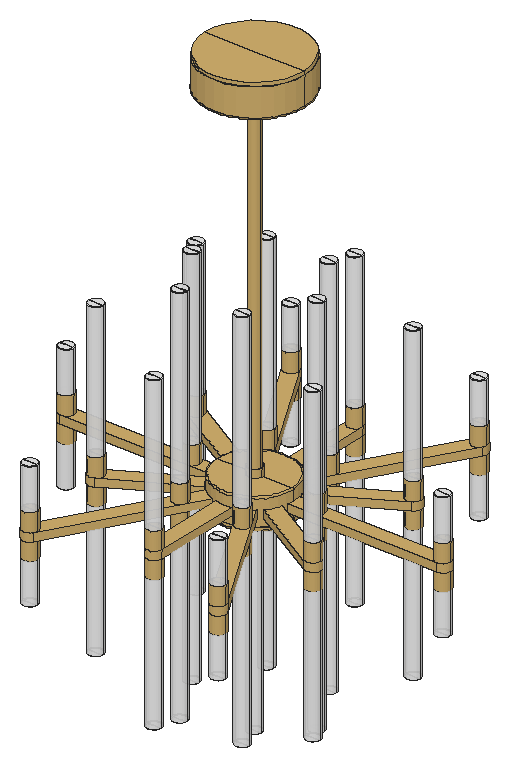
Revit family "3-605 Miro Pendant", category Lighting Fixtures, host Ceiling, Revit 2018
Family settings
  Host = Ceiling
  Round Connector Dimension = Use Diameter
  Part Type = Normal
  OmniClass Number = 23.80.70.11
  OmniClass Title = Luminaries for Internal Lighting
  Always vertical = Yes
  Cut with Voids When Loaded = No
  Light Source = Yes
  Shared = No
  Room Calculation Point = No
Parameters (values of type "3-605-40 / Aged Brass - Clear Bubble Acrylic")
  Wattage Comments = "37 x 3.0 W at 120 V"
  Wattage = 93.96 W
  built-in parameter 1150110 = 1 (stored number, unit not read)
  Voltage Input = "120 V or 277 V - 50/60 Hz"  # constant formula
  Voltage = 120 V
  URL = "www.oxygenlighting.com"
  built-in parameter 1114217 = 1 (stored number, unit not read)
  Tilt Angle = 90.00°  # constant formula
  built-in parameter 1150109 = 1 (stored number, unit not read)
  built-in parameter 1150134 = (empty or 0)
  built-in parameter 1150113 = 1 (stored number, unit not read)
  References = "Ref. 3 = 120 V / Ref. 37 = 277 V"  # constant formula
  Photometric Web File = "3-605-24 Miro.ies"
  Model = "3-605-xx / Miro Pendant"  # constant formula
  Metal Finish = 40 - Aged Brass
  Manufacturer = "Oxygen - Lighting & Fans"  # constant formula
  Lumens = 2424.17 lm
  built-in parameter 1150115 = 1 (stored number, unit not read)
  built-in parameter 1150105 = 192.91 (stored number, unit not read)
  built-in parameter 1150137 = (empty or 0)
  built-in parameter 1150139 = (empty or 0)
  built-in parameter 1150112 = 1 (stored number, unit not read)
  built-in parameter 1150114 = 1 (stored number, unit not read)
  Lamp = "LED Array"  # constant formula
  built-in parameter 1150132 = (empty or 0)
  built-in parameter 1150102 = (empty or 0)
  built-in parameter 1150138 = (empty or 0)
  built-in parameter 1150107 = 3000 (stored number, unit not read)
  built-in parameter 1150106 = 1.9291 (stored number, unit not read)
  built-in parameter 1150104 = 2.3969 (stored number, unit not read)
  Dimming Lamp Color Temperature Shift = <None>
  Diffusers = Clear Bubble Acrylic
  Color Filter = 16777215
  built-in parameter 1114218 = 1 (stored number, unit not read)
  built-in parameter 1150133 = 10 (stored number, unit not read)
Types (3): name | Wattage Comments | Metal Finish
  (no name) | "37 x 3.0 W at 120 V" | 40 - Aged Brass
  3-605-24 / Satin Nickel - Clear Bubble Acrylic | "37 x 2.1 W at 120 V" | 24 - Satin Nickel
  3-605-40 / Aged Brass - Clear Bubble Acrylic | "37 x 3.0 W at 120 V" | 40 - Aged Brass
Reference planes (in)
  plane 1 "Light Source Axis (F/B)": y = 0
  plane 2 "Ceiling": z = 96
  plane 3 "Light Source Axis (L/R)": x = 0
  plane 4 "Light Source Elevation": z = 69.9411
  plane 5: z = 93.8
  plane 6: through (-7.65444, 4.41929, 48) normal (0.5, 0.866, 0)
  plane 7: through (-6.50591, 11.26856, 48) normal (0.866, 0.5, 0)
  plane 8: through (6.50591, 11.26856, 48) normal (0.866, -0.5, 0)
  plane 9: through (7.65444, 4.41929, 48) normal (0.5, -0.866, 0)
  plane 10: through (-5.80676, 11.08122, 48) normal (0.5, -0.866, 0)
  plane 11: through (-7.4671, 3.72014, 48) normal (-0.866, 0.5, 0)
  plane 12: y = 8.32677
  plane 13: through (5.80676, 11.08122, 48) normal (0.5, 0.866, 0)
  plane 14: through (6.95529, 4.60663, 48) normal (0.866, 0.5, 0)
  plane 15: x = 12.5
  plane 16: x = -12.5
  plane 17: x = -4.15354
  plane 18: through (1.63353, 3.85298, 48) normal (0.5, 0.866, 0)
Forms (in)
  Extrusion 1, solid, material "40 - Aged Brass" <- "Metal Finish"
    sketch origin (0.03948, 0, -0.2895) x (1, 0, 0) y (0, 1, 0)
      loop
        line (0, 0.62992) -> (-0.05578, 0.58414) -> (-0.12289, 0.61782) -> (-0.17034, 0.56153) -> (-0.24106, 0.58197) -> (-0.27616, 0.51667) -> (-0.34997, 0.52376) -> (-0.37226, 0.4536) -> (-0.44542, 0.44542) -> (-0.45254, 0.37139) -> (-0.52376, 0.34997) -> (-0.51944, 0.27765) -> (-0.58197, 0.24106) -> (-0.56153, 0.17034) -> (-0.61782, 0.12289) -> (-0.58444, 0.05756) -> (-0.62992, 0) -> (-0.58444, -0.05756) -> (-0.61782, -0.12289) -> (-0.56153, -0.17034) -> (-0.58197, -0.24106) -> (-0.51944, -0.27765) -> (-0.52376, -0.34997) -> (-0.45254, -0.37139) -> (-0.44542, -0.44542) -> (-0.37226, -0.4536) -> (-0.34997, -0.52376) -> (-0.27616, -0.51667) -> (-0.24106, -0.58197) -> (-0.17034, -0.56153) -> (-0.12289, -0.61782) -> (-0.05578, -0.58414) -> (0, -0.62992) -> (0.05578, -0.58414) -> (0.12289, -0.61782) -> (0.17034, -0.56153) -> (0.24106, -0.58197) -> (0.27616, -0.51667) -> (0.34997, -0.52376) -> (0.37226, -0.4536) -> (0.44542, -0.44542) -> (0.45254, -0.37139) -> (0.52376, -0.34997) -> (0.51944, -0.27765) -> (0.58197, -0.24106) -> (0.56153, -0.17034) -> (0.61782, -0.12289) -> (0.58444, -0.05756) -> (0.62992, 0) -> (0.58444, 0.05756) -> (0.61782, 0.12289) -> (0.56153, 0.17034) -> (0.58197, 0.24106) -> (0.51944, 0.27765) -> (0.52376, 0.34997) -> (0.45254, 0.37139) -> (0.44542, 0.44542) -> (0.37226, 0.4536) -> (0.34997, 0.52376) -> (0.27616, 0.51667) -> (0.24106, 0.58197) -> (0.17034, 0.56153) -> (0.12289, 0.61782) -> (0.05578, 0.58414) -> (0, 0.62992)
    from 94.0895 to 93.89265
  Revolve 2, solid, material "40 - Aged Brass" <- "Metal Finish"
    sketch origin (0, 0, 0) x (1, 0, 0) y (0, 0, 1)
      loop
        line (0, 96) -> (0, 93.79528) -> (3.22835, 93.79528)
        arc (3.22835, 93.79528) -> (3.31186, 93.82987) -> (3.34646, 93.91339) r 0.11811
        line (3.34646, 93.91339) -> (3.34646, 95.76378) -> (3.2874, 95.76378) -> (3.2874, 96) -> (0, 96)
      axis (0, 96) -> (0, 93.79528)
    angle from 0 to 360
  Extrusion 3, solid, material "40 - Aged Brass" <- "Metal Finish"
    sketch origin (0, 0, 69.9411) x (0, -1, 0) y (1, 0, 0)
      loop
        circle (-4.16339, -7.2112) r 0.49213
      loop
        circle (-4.16339, -7.2112) r 0.45276
    from -1.43701 to 1.43701
  Extrusion 4, solid, material "40 - Aged Brass" <- "Metal Finish"
    sketch origin (0, 0, 69.9411) x (0, -1, 0) y (1, 0, 0)
      loop
        circle (-10.82532, -6.25) r 0.49213
      loop
        circle (-10.82532, -6.25) r 0.45276
    from -1.43701 to 1.43701
  Extrusion 5, solid, material "40 - Aged Brass" <- "Metal Finish"
    sketch origin (0, 0, 69.9411) x (0, -1, 0) y (1, 0, 0)
      loop
        circle (-8.32677, 0) r 0.49213
      loop
        circle (-8.32677, 0) r 0.45276
    from -1.43701 to 1.43701
  Extrusion 6, solid, material "40 - Aged Brass" <- "Metal Finish"
    sketch origin (0, 0, 69.9411) x (0, -1, 0) y (1, 0, 0)
      loop
        circle (-10.82532, 6.25) r 0.49213
      loop
        circle (-10.82532, 6.25) r 0.45276
    from -1.43701 to 1.43701
  Extrusion 7, solid, material "40 - Aged Brass" <- "Metal Finish"
    sketch origin (0, 0, 69.9411) x (0, -1, 0) y (1, 0, 0)
      loop
        circle (-4.16339, 7.2112) r 0.49213
      loop
        circle (-4.16339, 7.2112) r 0.45276
    from -1.43701 to 1.43701
  Extrusion 8, solid, material "40 - Aged Brass" <- "Metal Finish"
    sketch origin (0, 0, 69.9411) x (0, -1, 0) y (1, 0, 0)
      loop
        circle (0, 12.5) r 0.49213
      loop
        circle (0, 12.5) r 0.45276
    from -1.43701 to 1.43701
  Extrusion 9, solid, material "40 - Aged Brass" <- "Metal Finish"
    sketch origin (0, 0, 69.9411) x (0, -1, 0) y (1, 0, 0)
      loop
        circle (4.16339, 7.2112) r 0.49213
      loop
        circle (4.16339, 7.2112) r 0.45276
    from -1.43701 to 1.43701
  Extrusion 10, solid, material "40 - Aged Brass" <- "Metal Finish"
    sketch origin (0, 0, 69.9411) x (0, -1, 0) y (1, 0, 0)
      loop
        circle (0, 4.15354) r 0.49213
      loop
        circle (0, 4.15354) r 0.45276
    from -1.43701 to 1.43701
  Extrusion 11, solid, material "40 - Aged Brass" <- "Metal Finish"
    sketch origin (0, 0, 69.9411) x (0, -1, 0) y (1, 0, 0)
      loop
        circle (10.82532, 6.25) r 0.49213
      loop
        circle (10.82532, 6.25) r 0.45276
    from -1.43701 to 1.43701
  Extrusion 12, solid, material "40 - Aged Brass" <- "Metal Finish"
    sketch origin (0, 0, 69.9411) x (0, -1, 0) y (1, 0, 0)
      loop
        circle (8.32677, 0) r 0.45276
      loop
        circle (8.32677, 0) r 0.49213
    from -1.43701 to 1.43701
  Extrusion 13, solid, material "40 - Aged Brass" <- "Metal Finish"
    sketch origin (0, 0, 69.9411) x (0, -1, 0) y (1, 0, 0)
      loop
        circle (10.82532, -6.25) r 0.49213
      loop
        circle (10.82532, -6.25) r 0.45276
    from -1.43701 to 1.43701
  Extrusion 14, solid, material "40 - Aged Brass" <- "Metal Finish"
    sketch origin (0, 0, 69.9411) x (0, -1, 0) y (1, 0, 0)
      loop
        circle (3.59707, -2.07677) r 0.49213
      loop
        circle (3.59707, -2.07677) r 0.45276
    from -1.43701 to 1.43701
  Extrusion 15, solid, material "40 - Aged Brass" <- "Metal Finish"
    sketch origin (0, 0, 69.9411) x (0, -1, 0) y (1, 0, 0)
      loop
        circle (3.59707, 2.07677) r 0.49213
      loop
        circle (3.59707, 2.07677) r 0.45276
    from -1.43701 to 1.43701
  Extrusion 16, solid, material "40 - Aged Brass" <- "Metal Finish"
    sketch origin (0, 0, 69.9411) x (0, -1, 0) y (1, 0, 0)
      loop
        circle (4.16339, -7.2112) r 0.49213
      loop
        circle (4.16339, -7.2112) r 0.45276
    from -1.43701 to 1.43701
  Extrusion 17, solid, material "40 - Aged Brass" <- "Metal Finish"
    sketch origin (0, 0, 69.9411) x (0, -1, 0) y (1, 0, 0)
      loop
        circle (0, -4.15354) r 0.49213
      loop
        circle (0, -4.15354) r 0.45276
    from -1.43701 to 1.43701
  Extrusion 18, solid, material "40 - Aged Brass" <- "Metal Finish"
    sketch origin (0, 0, 69.9411) x (0, -1, 0) y (1, 0, 0)
      loop
        circle (0, 0) r 0.49213
      loop
        circle (0, 0) r 0.45276
    from -1.43701 to 1.43701
  Extrusion 19, solid, material "40 - Aged Brass" <- "Metal Finish"
    sketch origin (0.00383, 0.00223, 69.9411) x (0, -1, 0) y (1, 0, 0)
      loop
        circle (-3.59707, -2.07677) r 0.49213
      loop
        circle (-3.59707, -2.07677) r 0.45276
    from -1.43701 to 1.43701
  Extrusion 20, solid, material "40 - Aged Brass" <- "Metal Finish"
    sketch origin (0, 0, 69.9411) x (0, -1, 0) y (1, 0, 0)
      loop
        circle (-3.59707, 2.07677) r 0.49213
      loop
        circle (-3.59707, 2.07677) r 0.45276
    from -1.43701 to 1.43701
  Extrusion 21, solid, material "40 - Aged Brass" <- "Metal Finish"
    sketch origin (0, 0, 69.9411) x (0, -1, 0) y (1, 0, 0)
      loop
        circle (0, -12.5) r 0.49213
      loop
        circle (0, -12.5) r 0.45276
    from -1.43701 to 1.43701
  Revolve 22, solid, material "40 - Aged Brass" <- "Metal Finish"
    sketch origin (0, 0, 0) x (1, 0, 0) y (0, 0, 1)
      loop
        line (0.49213, 68.91748) -> (2.57874, 68.91748)
        arc (2.57874, 68.91748) -> (2.60658, 68.92901) -> (2.61811, 68.95685) r 0.03937
        line (2.61811, 68.95685) -> (2.61811, 69.1537) -> (2.55906, 69.1537) -> (2.55906, 70.84661)
        arc (2.55906, 70.84661) -> (2.53599, 70.90229) -> (2.48031, 70.92535) r 0.07874
        line (2.48031, 70.92535) -> (0.49213, 70.92535) -> (0.49213, 68.91748)
      axis (0, 68.91748) -> (0, 70.92535)
    angle from 0 to 360
  Extrusion 23, solid, material "40 - Aged Brass" <- "Metal Finish"
    sketch origin (0, 0, 69.9411) x (0, -1, 0) y (1, 0, 0)
      loop
        line (-2.47951, -0.84056) -> (-11.08122, -5.80676)
        arc (-11.08122, -5.80676) -> (-11.26856, -6.50591) -> (-10.56941, -6.69324) r 0.51181
        line (-10.56941, -6.69324) -> (-1.9677, -1.72704)
        arc (-1.9677, -1.72704) -> (-2.26735, -1.30906) -> (-2.47951, -0.84056) r 2.61811
      loop
        arc (0, 2.61811) -> (0.25715, 2.60545) -> (0.51181, 2.5676) r 2.61811
        line (0.51181, 2.5676) -> (0.51181, 12.5)
        arc (0.51181, 12.5) -> (0, 13.01181) -> (-0.51181, 12.5) r 0.51181
        line (-0.51181, 12.5) -> (-0.51181, 2.5676)
        arc (-0.51181, 2.5676) -> (-0.25715, 2.60545) -> (0, 2.61811) r 2.61811
      loop
        line (-8.32677, -0.51181) -> (-2.5676, -0.51181)
        arc (-2.5676, -0.51181) -> (-2.61811, 0) -> (-2.5676, 0.51181) r 2.61811
        line (-2.5676, 0.51181) -> (-8.32677, 0.51181)
        arc (-8.32677, 0.51181) -> (-8.83858, 0) -> (-8.32677, -0.51181) r 0.51181
      loop
        line (-11.08122, 5.80676) -> (-2.47951, 0.84056)
        arc (-2.47951, 0.84056) -> (-2.26735, 1.30906) -> (-1.9677, 1.72704) r 2.61811
        line (-1.9677, 1.72704) -> (-10.56941, 6.69324)
        arc (-10.56941, 6.69324) -> (-11.26856, 6.50591) -> (-11.08122, 5.80676) r 0.51181
      loop
        line (-4.60663, 6.95529) -> (-1.72704, 1.9677)
        arc (-1.72704, 1.9677) -> (-1.30906, 2.26735) -> (-0.84056, 2.47951) r 2.61811
        line (-0.84056, 2.47951) -> (-3.72014, 7.4671)
        arc (-3.72014, 7.4671) -> (-4.41929, 7.65444) -> (-4.60663, 6.95529) r 0.51181
      loop
        line (3.72014, 7.4671) -> (0.84056, 2.47951)
        arc (0.84056, 2.47951) -> (1.30906, 2.26735) -> (1.72704, 1.9677) r 2.61811
        line (1.72704, 1.9677) -> (4.60663, 6.95529)
        arc (4.60663, 6.95529) -> (4.41929, 7.65444) -> (3.72014, 7.4671) r 0.51181
      loop
        line (10.56941, 6.69324) -> (1.9677, 1.72704)
        arc (1.9677, 1.72704) -> (2.26735, 1.30906) -> (2.47951, 0.84056) r 2.61811
        line (2.47951, 0.84056) -> (11.08122, 5.80676)
        arc (11.08122, 5.80676) -> (11.26856, 6.50591) -> (10.56941, 6.69324) r 0.51181
      loop
        line (-0.51181, -2.5676) -> (-0.51181, -12.5)
        arc (-0.51181, -12.5) -> (0, -13.01181) -> (0.51181, -12.5) r 0.51181
        line (0.51181, -12.5) -> (0.51181, -2.5676)
        arc (0.51181, -2.5676) -> (0, -2.61811) -> (-0.51181, -2.5676) r 2.61811
      loop
        line (8.32677, 0.51181) -> (2.5676, 0.51181)
        arc (2.5676, 0.51181) -> (2.61811, 0) -> (2.5676, -0.51181) r 2.61811
        line (2.5676, -0.51181) -> (8.32677, -0.51181)
        arc (8.32677, -0.51181) -> (8.83858, 0) -> (8.32677, 0.51181) r 0.51181
      loop
        line (11.08122, -5.80676) -> (2.47951, -0.84056)
        arc (2.47951, -0.84056) -> (2.26735, -1.30906) -> (1.9677, -1.72704) r 2.61811
        line (1.9677, -1.72704) -> (10.56941, -6.69324)
        arc (10.56941, -6.69324) -> (11.26856, -6.50591) -> (11.08122, -5.80676) r 0.51181
      loop
        line (4.60663, -6.95529) -> (1.72704, -1.9677)
        arc (1.72704, -1.9677) -> (1.30906, -2.26735) -> (0.84056, -2.47951) r 2.61811
        line (0.84056, -2.47951) -> (3.72014, -7.4671)
        arc (3.72014, -7.4671) -> (4.41929, -7.65444) -> (4.60663, -6.95529) r 0.51181
      loop
        line (-3.72014, -7.4671) -> (-0.84056, -2.47951)
        arc (-0.84056, -2.47951) -> (-1.30906, -2.26735) -> (-1.72704, -1.9677) r 2.61811
        line (-1.72704, -1.9677) -> (-4.60663, -6.95529)
        arc (-4.60663, -6.95529) -> (-4.41929, -7.65444) -> (-3.72014, -7.4671) r 0.51181
    from -0.25591 to 0.25591
  Revolve 24, solid, material "Clear Bubble Acrylic" <- "Diffusers"
    sketch origin (0, 0, 0) x (1, 0, 0) y (0, 0, 1)
      loop
        line (-12.5, 74.13401) -> (-12.5, 71.37811) -> (-12.00787, 71.37811) -> (-12.00787, 74.09464) -> (-12.04724, 74.13401) -> (-12.5, 74.13401)
      axis (-12.5, 74.13401) -> (-12.5, 71.37811)
    angle from 0 to 360
  Revolve 25, solid, material "Clear Bubble Acrylic" <- "Diffusers"
    sketch origin (5.2888, 4.16339, 0) x (1, 0, 0) y (0, 0, 1)
      loop
        line (-12.5, 80.35448) -> (-12.5, 71.37811) -> (-12.00787, 71.37811) -> (-12.00787, 80.31511) -> (-12.04724, 80.35448) -> (-12.5, 80.35448)
      axis (-12.5, 80.35448) -> (-12.5, 71.37811)
    angle from 0 to 360
  Revolve 26, solid, material "Clear Bubble Acrylic" <- "Diffusers"
    sketch origin (6.25, 10.82532, 0) x (1, 0, 0) y (0, 0, 1)
      loop
        line (-12.5, 74.13401) -> (-12.5, 71.37811) -> (-12.00787, 71.37811) -> (-12.00787, 74.09464) -> (-12.04724, 74.13401) -> (-12.5, 74.13401)
      axis (-12.5, 74.13401) -> (-12.5, 71.37811)
    angle from 0 to 360
  Revolve 27, solid, material "Clear Bubble Acrylic" <- "Diffusers"
    sketch origin (12.5, 8.32677, 0) x (1, 0, 0) y (0, 0, 1)
      loop
        line (-12.5, 80.35448) -> (-12.5, 71.37811) -> (-12.00787, 71.37811) -> (-12.00787, 80.31511) -> (-12.04724, 80.35448) -> (-12.5, 80.35448)
      axis (-12.5, 80.35448) -> (-12.5, 71.37811)
    angle from 0 to 360
  Revolve 28, solid, material "Clear Bubble Acrylic" <- "Diffusers"
    sketch origin (18.75, 10.82532, 0) x (1, 0, 0) y (0, 0, 1)
      loop
        line (-12.5, 74.13401) -> (-12.5, 71.37811) -> (-12.00787, 71.37811) -> (-12.00787, 74.09464) -> (-12.04724, 74.13401) -> (-12.5, 74.13401)
      axis (-12.5, 74.13401) -> (-12.5, 71.37811)
    angle from 0 to 360
  Revolve 29, solid, material "Clear Bubble Acrylic" <- "Diffusers"
    sketch origin (14.57677, 3.59707, 0) x (1, 0, 0) y (0, 0, 1)
      loop
        line (-12.5, 82.75606) -> (-12.5, 71.37811) -> (-12.00787, 71.37811) -> (-12.00787, 82.71669) -> (-12.04724, 82.75606) -> (-12.5, 82.75606)
      axis (-12.5, 82.75606) -> (-12.5, 71.37811)
    angle from 0 to 360
  Revolve 30, solid, material "Clear Bubble Acrylic" <- "Diffusers"
    sketch origin (19.7112, 4.16339, 0) x (1, 0, 0) y (0, 0, 1)
      loop
        line (-12.5, 80.35448) -> (-12.5, 71.37811) -> (-12.00787, 71.37811) -> (-12.00787, 80.31511) -> (-12.04724, 80.35448) -> (-12.5, 80.35448)
      axis (-12.5, 80.35448) -> (-12.5, 71.37811)
    angle from 0 to 360
  Revolve 31, solid, material "Clear Bubble Acrylic" <- "Diffusers"
    sketch origin (10.42323, 3.59707, 0) x (1, 0, 0) y (0, 0, 1)
      loop
        line (-12.5, 82.75606) -> (-12.5, 71.37811) -> (-12.00787, 71.37811) -> (-12.00787, 82.71669) -> (-12.04724, 82.75606) -> (-12.5, 82.75606)
      axis (-12.5, 82.75606) -> (-12.5, 71.37811)
    angle from 0 to 360
  Revolve 32, solid, material "Clear Bubble Acrylic" <- "Diffusers"
    sketch origin (8.34646, 0, 0) x (1, 0, 0) y (0, 0, 1)
      loop
        line (-12.5, 82.75606) -> (-12.5, 71.37811) -> (-12.00787, 71.37811) -> (-12.00787, 82.71669) -> (-12.04724, 82.75606) -> (-12.5, 82.75606)
      axis (-12.5, 82.75606) -> (-12.5, 71.37811)
    angle from 0 to 360
  Revolve 33, solid, material "Clear Bubble Acrylic" <- "Diffusers"
    sketch origin (16.65354, 0, 0) x (1, 0, 0) y (0, 0, 1)
      loop
        line (-12.5, 82.75606) -> (-12.5, 71.37811) -> (-12.00787, 71.37811) -> (-12.00787, 82.71669) -> (-12.04724, 82.75606) -> (-12.5, 82.75606)
      axis (-12.5, 82.75606) -> (-12.5, 71.37811)
    angle from 0 to 360
  Revolve 34, solid, material "Clear Bubble Acrylic" <- "Diffusers"
    sketch origin (25, 0, 0) x (1, 0, 0) y (0, 0, 1)
      loop
        line (-12.5, 74.13401) -> (-12.5, 71.37811) -> (-12.00787, 71.37811) -> (-12.00787, 74.09464) -> (-12.04724, 74.13401) -> (-12.5, 74.13401)
      axis (-12.5, 74.13401) -> (-12.5, 71.37811)
    angle from 0 to 360
  Revolve 35, solid, material "Clear Bubble Acrylic" <- "Diffusers"
    sketch origin (0, 0, 0) x (1, 0, 0) y (0, 0, -1)
      loop
        line (-12.5, -74.13401) -> (-12.04724, -74.13401) -> (-12.00787, -74.09464) -> (-12.00787, -71.37811) -> (-12.5, -71.37811) -> (-12.5, -74.13401)
      axis (-12.5, -74.13401) -> (-12.5, -71.37811)
    angle from 0 to 360
  Revolve 36, solid, material "Clear Bubble Acrylic" <- "Diffusers"
    sketch origin (5.2888, -4.16339, 0) x (1, 0, 0) y (0, 0, -1)
      loop
        line (-12.5, -80.35448) -> (-12.04724, -80.35448) -> (-12.00787, -80.31511) -> (-12.00787, -71.37811) -> (-12.5, -71.37811) -> (-12.5, -80.35448)
      axis (-12.5, -80.35448) -> (-12.5, -71.37811)
    angle from 0 to 360
  Revolve 37, solid, material "Clear Bubble Acrylic" <- "Diffusers"
    sketch origin (6.25, -10.82532, 0) x (1, 0, 0) y (0, 0, -1)
      loop
        line (-12.5, -74.13401) -> (-12.04724, -74.13401) -> (-12.00787, -74.09464) -> (-12.00787, -71.37811) -> (-12.5, -71.37811) -> (-12.5, -74.13401)
      axis (-12.5, -74.13401) -> (-12.5, -71.37811)
    angle from 0 to 360
  Revolve 38, solid, material "Clear Bubble Acrylic" <- "Diffusers"
    sketch origin (12.5, -8.32677, 0) x (1, 0, 0) y (0, 0, -1)
      loop
        line (-12.5, -80.35448) -> (-12.04724, -80.35448) -> (-12.00787, -80.31511) -> (-12.00787, -71.37811) -> (-12.5, -71.37811) -> (-12.5, -80.35448)
      axis (-12.5, -80.35448) -> (-12.5, -71.37811)
    angle from 0 to 360
  Revolve 39, solid, material "Clear Bubble Acrylic" <- "Diffusers"
    sketch origin (18.75, -10.82532, 0) x (1, 0, 0) y (0, 0, -1)
      loop
        line (-12.5, -74.13401) -> (-12.04724, -74.13401) -> (-12.00787, -74.09464) -> (-12.00787, -71.37811) -> (-12.5, -71.37811) -> (-12.5, -74.13401)
      axis (-12.5, -74.13401) -> (-12.5, -71.37811)
    angle from 0 to 360
  Revolve 40, solid, material "Clear Bubble Acrylic" <- "Diffusers"
    sketch origin (14.57677, -3.59707, 0) x (1, 0, 0) y (0, 0, -1)
      loop
        line (-12.5, -82.75606) -> (-12.04724, -82.75606) -> (-12.00787, -82.71669) -> (-12.00787, -71.37811) -> (-12.5, -71.37811) -> (-12.5, -82.75606)
      axis (-12.5, -82.75606) -> (-12.5, -71.37811)
    angle from 0 to 360
  Revolve 41, solid, material "Clear Bubble Acrylic" <- "Diffusers"
    sketch origin (19.7112, -4.16339, 0) x (1, 0, 0) y (0, 0, -1)
      loop
        line (-12.5, -80.35448) -> (-12.04724, -80.35448) -> (-12.00787, -80.31511) -> (-12.00787, -71.37811) -> (-12.5, -71.37811) -> (-12.5, -80.35448)
      axis (-12.5, -80.35448) -> (-12.5, -71.37811)
    angle from 0 to 360
  Revolve 42, solid, material "Clear Bubble Acrylic" <- "Diffusers"
    sketch origin (10.42323, -3.59707, 0) x (1, 0, 0) y (0, 0, -1)
      loop
        line (-12.5, -82.75606) -> (-12.04724, -82.75606) -> (-12.00787, -82.71669) -> (-12.00787, -71.37811) -> (-12.5, -71.37811) -> (-12.5, -82.75606)
      axis (-12.5, -82.75606) -> (-12.5, -71.37811)
    angle from 0 to 360
  Revolve 43, solid, material "Clear Bubble Acrylic" <- "Diffusers"
    sketch origin (0, 0, 139.8822) x (1, 0, 0) y (0, 0, -1)
      loop
        line (-12.5, 74.13401) -> (-12.5, 71.37811) -> (-12.00787, 71.37811) -> (-12.00787, 74.09464) -> (-12.04724, 74.13401) -> (-12.5, 74.13401)
      axis (-12.5, 74.13401) -> (-12.5, 71.37811)
    angle from 0 to 360
  Revolve 44, solid, material "Clear Bubble Acrylic" <- "Diffusers"
    sketch origin (5.2888, 4.16339, 139.8822) x (1, 0, 0) y (0, 0, 1)
      loop
        line (-12.5, -80.35448) -> (-12.04724, -80.35448) -> (-12.00787, -80.31511) -> (-12.00787, -71.37811) -> (-12.5, -71.37811) -> (-12.5, -80.35448)
      axis (-12.5, -80.35448) -> (-12.5, -71.37811)
    angle from 0 to 360
  Revolve 45, solid, material "Clear Bubble Acrylic" <- "Diffusers"
    sketch origin (6.25, 10.82532, 139.8822) x (1, 0, 0) y (0, 0, 1)
      loop
        line (-12.5, -74.13401) -> (-12.04724, -74.13401) -> (-12.00787, -74.09464) -> (-12.00787, -71.37811) -> (-12.5, -71.37811) -> (-12.5, -74.13401)
      axis (-12.5, -74.13401) -> (-12.5, -71.37811)
    angle from 0 to 360
  Revolve 46, solid, material "Clear Bubble Acrylic" <- "Diffusers"
    sketch origin (12.5, 8.32677, 139.8822) x (1, 0, 0) y (0, 0, 1)
      loop
        line (-12.5, -80.35448) -> (-12.04724, -80.35448) -> (-12.00787, -80.31511) -> (-12.00787, -71.37811) -> (-12.5, -71.37811) -> (-12.5, -80.35448)
      axis (-12.5, -80.35448) -> (-12.5, -71.37811)
    angle from 0 to 360
  Revolve 47, solid, material "Clear Bubble Acrylic" <- "Diffusers"
    sketch origin (18.75, 10.82532, 139.8822) x (1, 0, 0) y (0, 0, 1)
      loop
        line (-12.5, -74.13401) -> (-12.04724, -74.13401) -> (-12.00787, -74.09464) -> (-12.00787, -71.37811) -> (-12.5, -71.37811) -> (-12.5, -74.13401)
      axis (-12.5, -74.13401) -> (-12.5, -71.37811)
    angle from 0 to 360
  Revolve 48, solid, material "Clear Bubble Acrylic" <- "Diffusers"
    sketch origin (14.57677, 3.59707, 139.8822) x (1, 0, 0) y (0, 0, 1)
      loop
        line (-12.5, -82.75606) -> (-12.04724, -82.75606) -> (-12.00787, -82.71669) -> (-12.00787, -71.37811) -> (-12.5, -71.37811) -> (-12.5, -82.75606)
      axis (-12.5, -82.75606) -> (-12.5, -71.37811)
    angle from 0 to 360
  Revolve 49, solid, material "Clear Bubble Acrylic" <- "Diffusers"
    sketch origin (19.7112, 4.16339, 139.8822) x (1, 0, 0) y (0, 0, 1)
      loop
        line (-12.5, -80.35448) -> (-12.04724, -80.35448) -> (-12.00787, -80.31511) -> (-12.00787, -71.37811) -> (-12.5, -71.37811) -> (-12.5, -80.35448)
      axis (-12.5, -80.35448) -> (-12.5, -71.37811)
    angle from 0 to 360
  Revolve 50, solid, material "Clear Bubble Acrylic" <- "Diffusers"
    sketch origin (10.42323, 3.59707, 139.8822) x (1, 0, 0) y (0, 0, 1)
      loop
        line (-12.5, -82.75606) -> (-12.04724, -82.75606) -> (-12.00787, -82.71669) -> (-12.00787, -71.37811) -> (-12.5, -71.37811) -> (-12.5, -82.75606)
      axis (-12.5, -82.75606) -> (-12.5, -71.37811)
    angle from 0 to 360
  Revolve 51, solid, material "Clear Bubble Acrylic" <- "Diffusers"
    sketch origin (8.34646, 0, 139.8822) x (1, 0, 0) y (0, 0, -1)
      loop
        line (-12.5, 82.75606) -> (-12.5, 71.37811) -> (-12.00787, 71.37811) -> (-12.00787, 82.71669) -> (-12.04724, 82.75606) -> (-12.5, 82.75606)
      axis (-12.5, 82.75606) -> (-12.5, 71.37811)
    angle from 0 to 360
  Revolve 52, solid, material "Clear Bubble Acrylic" <- "Diffusers"
    sketch origin (16.65354, 0, 139.8822) x (1, 0, 0) y (0, 0, -1)
      loop
        line (-12.5, 82.75606) -> (-12.5, 71.37811) -> (-12.00787, 71.37811) -> (-12.00787, 82.71669) -> (-12.04724, 82.75606) -> (-12.5, 82.75606)
      axis (-12.5, 82.75606) -> (-12.5, 71.37811)
    angle from 0 to 360
  Revolve 53, solid, material "Clear Bubble Acrylic" <- "Diffusers"
    sketch origin (25, 0, 139.8822) x (1, 0, 0) y (0, 0, -1)
      loop
        line (-12.5, 74.13401) -> (-12.5, 71.37811) -> (-12.00787, 71.37811) -> (-12.00787, 74.09464) -> (-12.04724, 74.13401) -> (-12.5, 74.13401)
      axis (-12.5, 74.13401) -> (-12.5, 71.37811)
    angle from 0 to 360
  Revolve 54, solid, material "Clear Bubble Acrylic" <- "Diffusers"
    sketch origin (0, 0, 139.8822) x (1, 0, 0) y (0, 0, -1)
      loop
        line (-12.5, 74.13401) -> (-12.5, 71.37811) -> (-12.00787, 71.37811) -> (-12.00787, 74.09464) -> (-12.04724, 74.13401) -> (-12.5, 74.13401)
      axis (-12.5, 74.13401) -> (-12.5, 71.37811)
    angle from 0 to 360
  Revolve 55, solid, material "Clear Bubble Acrylic" <- "Diffusers"
    sketch origin (5.2888, -4.16339, 139.8822) x (1, 0, 0) y (0, 0, -1)
      loop
        line (-12.5, 80.35448) -> (-12.5, 71.37811) -> (-12.00787, 71.37811) -> (-12.00787, 80.31511) -> (-12.04724, 80.35448) -> (-12.5, 80.35448)
      axis (-12.5, 80.35448) -> (-12.5, 71.37811)
    angle from 0 to 360
  Revolve 56, solid, material "Clear Bubble Acrylic" <- "Diffusers"
    sketch origin (6.25, -10.82532, 139.8822) x (1, 0, 0) y (0, 0, -1)
      loop
        line (-12.5, 74.13401) -> (-12.5, 71.37811) -> (-12.00787, 71.37811) -> (-12.00787, 74.09464) -> (-12.04724, 74.13401) -> (-12.5, 74.13401)
      axis (-12.5, 74.13401) -> (-12.5, 71.37811)
    angle from 0 to 360
  Revolve 57, solid, material "Clear Bubble Acrylic" <- "Diffusers"
    sketch origin (12.5, -8.32677, 139.8822) x (1, 0, 0) y (0, 0, -1)
      loop
        line (-12.5, 80.35448) -> (-12.5, 71.37811) -> (-12.00787, 71.37811) -> (-12.00787, 80.31511) -> (-12.04724, 80.35448) -> (-12.5, 80.35448)
      axis (-12.5, 80.35448) -> (-12.5, 71.37811)
    angle from 0 to 360
  Revolve 58, solid, material "Clear Bubble Acrylic" <- "Diffusers"
    sketch origin (18.75, -10.82532, 139.8822) x (1, 0, 0) y (0, 0, -1)
      loop
        line (-12.5, 74.13401) -> (-12.5, 71.37811) -> (-12.00787, 71.37811) -> (-12.00787, 74.09464) -> (-12.04724, 74.13401) -> (-12.5, 74.13401)
      axis (-12.5, 74.13401) -> (-12.5, 71.37811)
    angle from 0 to 360
  Revolve 59, solid, material "Clear Bubble Acrylic" <- "Diffusers"
    sketch origin (14.57677, -3.59707, 139.8822) x (1, 0, 0) y (0, 0, -1)
      loop
        line (-12.5, 82.75606) -> (-12.5, 71.37811) -> (-12.00787, 71.37811) -> (-12.00787, 82.71669) -> (-12.04724, 82.75606) -> (-12.5, 82.75606)
      axis (-12.5, 82.75606) -> (-12.5, 71.37811)
    angle from 0 to 360
  Revolve 60, solid, material "Clear Bubble Acrylic" <- "Diffusers"
    sketch origin (19.7112, -4.16339, 139.8822) x (1, 0, 0) y (0, 0, -1)
      loop
        line (-12.5, 80.35448) -> (-12.5, 71.37811) -> (-12.00787, 71.37811) -> (-12.00787, 80.31511) -> (-12.04724, 80.35448) -> (-12.5, 80.35448)
      axis (-12.5, 80.35448) -> (-12.5, 71.37811)
    angle from 0 to 360
  Revolve 61, solid, material "Clear Bubble Acrylic" <- "Diffusers"
    sketch origin (10.42323, -3.59707, 139.8822) x (1, 0, 0) y (0, 0, -1)
      loop
        line (-12.5, 82.75606) -> (-12.5, 71.37811) -> (-12.00787, 71.37811) -> (-12.00787, 82.71669) -> (-12.04724, 82.75606) -> (-12.5, 82.75606)
      axis (-12.5, 82.75606) -> (-12.5, 71.37811)
    angle from 0 to 360
  Revolve 62, solid, material "40 - Aged Brass" <- "Metal Finish"
    sketch origin (0, 0, 0) x (1, 0, 0) y (0, 0, 1)
      loop
        line (0, 93.59843) -> (0, 92.77165) -> (0.37402, 92.77165) -> (0.37402, 92.85039) -> (0.37402, 92.92913) -> (0.20669, 92.92913) -> (0.20669, 92.98819)
        arc (0.20669, 92.98819) -> (0.25783, 93.03293) -> (0.29948, 93.08661) r 0.35433
        line (0.29948, 93.08661) -> (0.43307, 93.08661) -> (0.43307, 93.51969) -> (0.47244, 93.55906) -> (0.47244, 93.59843) -> (0, 93.59843)
      axis (0, 93.59843) -> (0, 92.77165)
    angle from 0 to 360
  Revolve 63, solid, material "40 - Aged Brass" <- "Metal Finish"
    sketch origin (0, 0, 0) x (1, 0, 0) y (0, 0, 1)
      loop
        line (0.37402, 71.37811) -> (0.37402, 92.77165) -> (0, 92.77165) -> (0, 71.37811) -> (0.37402, 71.37811)
      axis (0, 92.77165) -> (0, 71.37811)
    angle from 0 to 360
  Revolve 64, solid, material "Clear Bubble Acrylic" <- "Diffusers"
    sketch origin (12.5, 0, 139.8822) x (1, 0, 0) y (0, 0, -1)
      loop
        line (-12.5, 84.27181) -> (-12.5, 71.37811) -> (-12.00787, 71.37811) -> (-12.00787, 84.23244) -> (-12.04724, 84.27181) -> (-12.5, 84.27181)
      axis (-12.5, 84.27181) -> (-12.5, 71.37811)
    angle from 0 to 360
Cuts and joins
  joined: Extrusion 3, Extrusion 4, Extrusion 5, Extrusion 6, Extrusion 7, Extrusion 8, Extrusion 9, Extrusion 10, Extrusion 11, Extrusion 12, Extrusion 13, Extrusion 14, Extrusion 15, Extrusion 16, Extrusion 17, Extrusion 19, Extrusion 20, Extrusion 21, Extrusion 23
Dimensions and locks (in)
  equal spacing: host sketch curve, plane 3 "Light Source Axis (L/R)", host sketch curve
  equal spacing: host sketch curve, plane 1 "Light Source Axis (F/B)", host sketch curve
  host sketch curve to host sketch curve = 120.00"  (x2)
  locked: plane 2 "Ceiling" to Revolve 2 sketch curve at 2.20472
  locked: Revolve 2 sketch curve to Revolve 2 sketch curve at 3.34646
  Revolve 22 sketch curve to plane 4 "Light Source Elevation" to Revolve 22 sketch curve = 0.98425" locked, 1.02362" locked
  locked: Revolve 22 sketch curve to imposter light at 0.49213
  locked: Revolve 22 sketch curve to Revolve 22 sketch curve at 2.06693
  locked: Extrusion 1 to Extrusion 1 at 0.19685
  plane 3 "Light Source Axis (L/R)" to Extrusion 23 = 0.51181"
  aligned and locked: plane 3 "Light Source Axis (L/R)" to imposter light
  aligned and locked: plane 1 "Light Source Axis (F/B)" to imposter light
  aligned and locked: plane 4 "Light Source Elevation" to imposter light
  aligned and locked: Revolve 2 sketch curve to plane 3 "Light Source Axis (L/R)"
  aligned and locked: Revolve 2 sketch curve to plane 2 "Ceiling"
  aligned and locked: Revolve 22 sketch curve to imposter light
  aligned and locked: plane 5 to Extrusion 1
  aligned and locked: Revolve 63 sketch curve to plane 3 "Light Source Axis (L/R)"
Connectors (in)
  electrical at (0, 0, 96), driven by "Voltage"
    settings: on Revolve 2, index 1, voltage 120 V, apparent load 0 VA, apparent load phase1 0 VA, apparent load phase2 0 VA, apparent load phase3 0 VA, power factor 1, load classification "Other", number of poles 1, system type 31, power factor state 1, is connector primary yes, connector utility no, sub classification motor no, connector description ""
